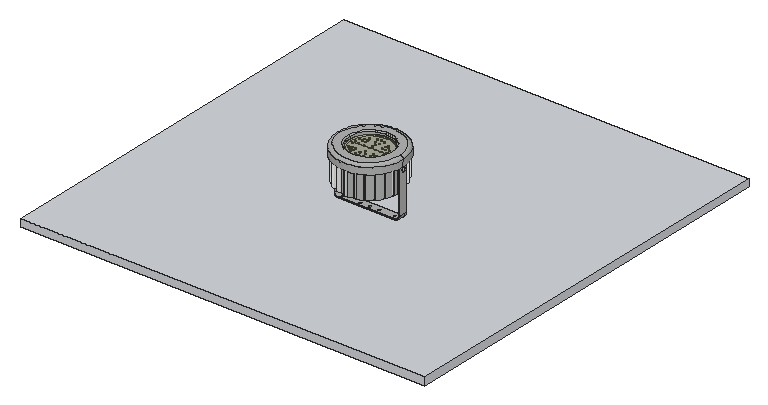
Revit family "SOLD", category Lighting Fixtures, host Face, Revit 2014 (continued)
Automatic sketch dimensions
  Extrusion 15 sketch curve to Extrusion 15 sketch curve = 4.361 mm
  Extrusion 15 sketch curve to Extrusion 15 sketch curve = 25.00 mm
  plane 7 to Extrusion 15 sketch curve = 24.836 mm
  plane 8 to Extrusion 15 sketch curve = 55.341 mm
  plane 7 to Extrusion 16 sketch curve = 9.509 mm
  Extrusion 16 sketch curve to Extrusion 16 sketch curve = 4.361 mm
  Extrusion 16 sketch curve to Extrusion 16 sketch curve = 25.00 mm
  plane 7 to Extrusion 16 sketch curve = 24.836 mm
  plane 8 to Extrusion 16 sketch curve = 55.341 mm
  plane 7 to Extrusion 17 sketch curve = 9.509 mm
  plane 11 to Extrusion 17 sketch curve = 51.553 mm
  Extrusion 17 sketch curve to Extrusion 17 sketch curve = 4.361 mm
  plane 11 to Extrusion 17 sketch curve = 22.192 mm
  plane 7 to Extrusion 17 sketch curve = 24.836 mm
  plane 8 to Extrusion 17 sketch curve = 55.341 mm
  plane 7 to Extrusion 18 sketch curve = 9.509 mm
  Extrusion 18 sketch curve to plane 1 "Center (Front/Back)" = 62.479 mm
  Extrusion 18 sketch curve to Extrusion 18 sketch curve = 4.361 mm
  Extrusion 18 sketch curve to Extrusion 18 sketch curve = 25.00 mm
  plane 8 to Extrusion 18 sketch curve = 55.341 mm
  plane 7 to Extrusion 18 sketch curve = 24.836 mm
  plane 7 to Extrusion 19 sketch curve = 9.509 mm
  Extrusion 19 sketch curve to Extrusion 19 sketch curve = 4.361 mm
  Extrusion 19 sketch curve to Extrusion 19 sketch curve = 25.00 mm
  plane 8 to Extrusion 19 sketch curve = 55.341 mm
  plane 7 to Extrusion 19 sketch curve = 24.836 mm
  plane 7 to Extrusion 20 sketch curve = 9.509 mm
  Extrusion 20 sketch curve to Extrusion 20 sketch curve = 4.361 mm
  Extrusion 20 sketch curve to Extrusion 20 sketch curve = 25.00 mm
  plane 8 to Extrusion 20 sketch curve = 55.341 mm
  plane 7 to Extrusion 20 sketch curve = 24.836 mm
  plane 7 to Extrusion 21 sketch curve = 9.509 mm
  Extrusion 21 sketch curve to Extrusion 21 sketch curve = 4.361 mm
  Extrusion 21 sketch curve to Extrusion 21 sketch curve = 25.00 mm
  plane 8 to Extrusion 21 sketch curve = 55.341 mm
  plane 7 to Extrusion 21 sketch curve = 24.836 mm
  plane 7 to Extrusion 22 sketch curve = 9.509 mm
  Extrusion 22 sketch curve to Extrusion 22 sketch curve = 4.361 mm
  Extrusion 22 sketch curve to Extrusion 22 sketch curve = 25.00 mm
  plane 8 to Extrusion 22 sketch curve = 55.341 mm
  plane 7 to Extrusion 22 sketch curve = 24.836 mm
  plane 7 to Extrusion 23 sketch curve = 9.509 mm
  Extrusion 23 sketch curve to Extrusion 23 sketch curve = 4.361 mm
  Extrusion 23 sketch curve to Extrusion 23 sketch curve = 25.00 mm
  plane 8 to Extrusion 23 sketch curve = 55.341 mm
  plane 7 to Extrusion 23 sketch curve = 24.836 mm
  Revolve 24 sketch curve to plane 5 = 17.473 mm
  Revolve 24 sketch curve to Revolve 24 sketch curve = 3.845 mm
  Revolve 24 sketch curve to plane 12 = 27.696 mm
  plane 1 "Center (Front/Back)" to Revolve 24 sketch curve = 93.75 mm
  Revolve 24 sketch curve to Revolve 24 sketch curve = 6.155 mm
  plane 5 to Revolve 24 sketch curve = 26.771 mm
  Revolve 24 sketch curve to Revolve 24 sketch curve = 17.967 mm
  Revolve 24 sketch curve to Revolve 24 sketch curve = 0.00 mm
  plane 7 to Extrusion 25 sketch curve = 9.509 mm
  Extrusion 25 sketch curve to Extrusion 25 sketch curve = 4.361 mm
  Extrusion 25 sketch curve to Extrusion 25 sketch curve = 25.00 mm
  plane 8 to Extrusion 25 sketch curve = 55.341 mm
  plane 7 to Extrusion 25 sketch curve = 24.836 mm
  plane 7 to Extrusion 26 sketch curve = 9.509 mm
  Extrusion 26 sketch curve to Extrusion 26 sketch curve = 4.361 mm
  Extrusion 26 sketch curve to Extrusion 26 sketch curve = 25.00 mm
  plane 8 to Extrusion 26 sketch curve = 55.341 mm
  plane 7 to Extrusion 26 sketch curve = 24.836 mm
  plane 7 to Extrusion 27 sketch curve = 9.509 mm
  Extrusion 27 sketch curve to Extrusion 27 sketch curve = 4.361 mm
  Extrusion 27 sketch curve to Extrusion 27 sketch curve = 25.00 mm
  plane 8 to Extrusion 27 sketch curve = 55.341 mm
  plane 7 to Extrusion 27 sketch curve = 24.836 mm
  plane 7 to Extrusion 28 sketch curve = 9.509 mm
  Extrusion 28 sketch curve to Extrusion 28 sketch curve = 4.361 mm
  Extrusion 28 sketch curve to Extrusion 28 sketch curve = 25.00 mm
  plane 8 to Extrusion 28 sketch curve = 55.341 mm
  plane 7 to Extrusion 28 sketch curve = 24.836 mm
  plane 7 to Extrusion 29 sketch curve = 9.509 mm
  Extrusion 29 sketch curve to Extrusion 29 sketch curve = 4.361 mm
  Extrusion 29 sketch curve to Extrusion 29 sketch curve = 25.00 mm
  plane 8 to Extrusion 29 sketch curve = 55.341 mm
  plane 7 to Extrusion 29 sketch curve = 24.836 mm
  plane 7 to Extrusion 30 sketch curve = 9.509 mm
  Extrusion 30 sketch curve to plane 12 = 51.553 mm
  Extrusion 30 sketch curve to Extrusion 30 sketch curve = 4.361 mm
  Extrusion 30 sketch curve to plane 12 = 22.192 mm
  plane 8 to Extrusion 30 sketch curve = 55.341 mm
  plane 7 to Extrusion 30 sketch curve = 24.836 mm
  plane 7 to Extrusion 31 sketch curve = 9.509 mm
  Extrusion 31 sketch curve to Extrusion 31 sketch curve = 4.361 mm
  Extrusion 31 sketch curve to Extrusion 31 sketch curve = 25.00 mm
  plane 7 to Extrusion 31 sketch curve = 24.836 mm
  plane 8 to Extrusion 31 sketch curve = 55.341 mm
  plane 7 to Extrusion 32 sketch curve = 9.509 mm
  Extrusion 32 sketch curve to Extrusion 32 sketch curve = 4.361 mm
  Extrusion 32 sketch curve to Extrusion 32 sketch curve = 25.00 mm
  plane 7 to Extrusion 32 sketch curve = 24.836 mm
  plane 8 to Extrusion 32 sketch curve = 55.341 mm
  plane 7 to Extrusion 33 sketch curve = 9.509 mm
  Extrusion 33 sketch curve to Extrusion 33 sketch curve = 4.361 mm
  Extrusion 33 sketch curve to Extrusion 33 sketch curve = 25.00 mm
  plane 7 to Extrusion 33 sketch curve = 24.836 mm
  plane 8 to Extrusion 33 sketch curve = 55.341 mm
  plane 7 to Extrusion 34 sketch curve = 9.509 mm
  Extrusion 34 sketch curve to Extrusion 34 sketch curve = 4.361 mm
  Extrusion 34 sketch curve to Extrusion 34 sketch curve = 25.00 mm
  plane 7 to Extrusion 34 sketch curve = 24.836 mm
  plane 8 to Extrusion 34 sketch curve = 55.341 mm
  plane 7 to Extrusion 35 sketch curve = 9.509 mm
  Extrusion 35 sketch curve to Extrusion 35 sketch curve = 4.361 mm
  Extrusion 35 sketch curve to Extrusion 35 sketch curve = 25.00 mm
  plane 7 to Extrusion 35 sketch curve = 24.836 mm
  plane 8 to Extrusion 35 sketch curve = 55.341 mm
  radius of Extrusion 3 sketch curve = 6.50 mm  (x5)
  radius of Extrusion 5 sketch curve = 200.00 mm
  radius of Extrusion 10 sketch curve = 5.00 mm  (x46)
Connectors
  electrical at (-1.25, -103.75, 17.875), driven by "Voltage", driven by "Apparent Load", driven by "Power Factor", driven by "Connector Description"
    settings: on Sweep 2, index 1, voltage 120 V, apparent load 75 VA, apparent load phase1 0 VA, apparent load phase2 0 VA, apparent load phase3 0 VA, power factor 1, load classification "Other", number of poles 1, system type 30, power factor state 1, is connector primary yes, connector utility no, sub classification motor no, connector description "Lighting Connector"
